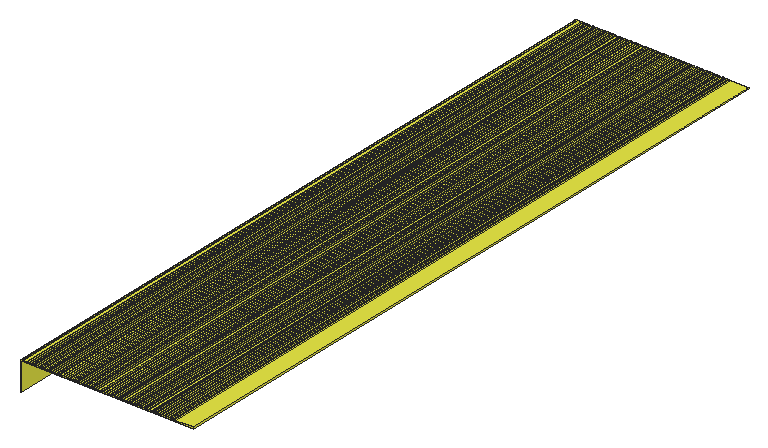
Revit family "111213010021100", category Modelos genéricos, Revit 2018
Family settings
  Puede alojar armadura = No
  Cota de conector redondo = Diámetro de uso
  Tipo de pieza = Normal
  Se basa en plano de trabajo = No
  Siempre vertical = No
  Corte con vacíos al cargar = No
  Compartido = No
  Punto de cálculo de habitación = No
Parameters (values of type "GRADA NEO PVC 300X50MM AMARILLO TIRA 1.20")
  Ventajas = "Autoextinguible"
  Uso = "Fabricado en PVC, ideal para zonas de medio y alto trafico, con estrías\r\nantideslizantes. Ideal para: Edificios Públicos y Privados, Colegios, Universidades, Centros\r\ncomerciales, Aeropuertos, Hoteles, Edificios Habitacionales, entre otros."
  Unidad = "Tiras de 1.20 Mts y 3.00 Mts."
  URL = "https://www.empresascnp.cl/"
  Num SKUs = "111213010021100"
  Nombre SKU = "GRADA NEO PVC 300X50MM AMARILLO TIRA 1.2MT"
  Modelo = "GRADA NEO PVC 300X50MM"
  Material = PVC flexible amarillo
  Url Ficha tecnica = "https://empresascnp.cl/wp-content/uploads//pdf/ficha-tecnica-grada-neo-pvc-300x50mm-negro-tira-1-2mt.pdf"
  Largo = 1200.00 mm
  Espesor = 2.00 mm
  Empresa = "CNP SPA."
  Dureza = "80 shore A"
  Dimension = 300.00 mm
  Descripción = "Grada Neo 300x50 MM."
  Contacto = "info@empresascnp.cl"
  Color = "AMARILLO"
  Aplicacion = "Escaleras"
  Alto = 50.00 mm
Reference planes
  plane 1 "Center F/B": y = 0
  plane 2: z = 0
  plane 3 "Center L/R": x = 0
  plane 4: z = -50
  plane 5 "2": y = 600
  plane 6 "3": y = -600
  plane 7: x = 300
  plane 8: z = -2
  plane 9 "4": x = 2
Forms (mm)
  Extrusion 1, solid, material "PVC flexible amarillo" <- "Material"
    sketch origin (0, 0, 0) x (1, 0, 0) y (0, 0, 1)
      loop
        line (300, 0) -> (270, 0) -> (270, -0.79) -> (266, -0.79) -> (266, 0) -> (264, 0) -> (264, -0.79) -> (263, -0.79) -> (263, 0) -> (261, 0) -> (261, -0.79) -> (260, -0.79) -> (260, 0) -> (258, 0) -> (258, -0.79) -> (257, -0.79) -> (257, 0) -> (255, 0) -> (255, -0.79) -> (251, -0.79) -> (251, 0) -> (249, 0) -> (249, -0.79) -> (248, -0.79) -> (248, 0) -> (246, 0) -> (246, -0.79) -> (245, -0.79) -> (245, 0) -> (243, 0) -> (243, -0.79) -> (242, -0.79) -> (242, 0) -> (240, 0) -> (240, -0.79) -> (236, -0.79) -> (236, 0) -> (234, 0) -> (234, -0.79) -> (233, -0.79) -> (233, 0) -> (231, 0) -> (231, -0.79) -> (230, -0.79) -> (230, 0) -> (228, 0) -> (228, -0.79) -> (227, -0.79) -> (227, 0) -> (225, 0) -> (225, -0.79) -> (221, -0.79) -> (221, 0) -> (219, 0) -> (219, -0.79) -> (218, -0.79) -> (218, 0) -> (216, 0) -> (216, -0.79) -> (215, -0.79) -> (215, 0) -> (213, 0) -> (213, -0.79) -> (212, -0.79) -> (212, 0) -> (210, 0) -> (210, -0.79) -> (206, -0.79) -> (206, 0) -> (204, 0) -> (204, -0.79) -> (203, -0.79) -> (203, 0) -> (201, 0) -> (201, -0.79) -> (200, -0.79) -> (200, 0) -> (198, 0) -> (198, -0.79) -> (197, -0.79) -> (197, 0) -> (195, 0) -> (195, -0.79) -> (191, -0.79) -> (191, 0) -> (189, 0) -> (189, -0.79) -> (188, -0.79) -> (188, 0) -> (186, 0) -> (186, -0.79) -> (185, -0.79) -> (185, 0) -> (183, 0) -> (183, -0.79) -> (182, -0.79) -> (182, 0) -> (180, 0) -> (180, -0.79) -> (176, -0.79) -> (176, 0) -> (174, 0) -> (174, -0.79) -> (173, -0.79) -> (173, 0) -> (171, 0) -> (171, -0.79) -> (170, -0.79) -> (170, 0) -> (168, 0) -> (168, -0.79) -> (167, -0.79) -> (167, 0) -> (165, 0) -> (165, -0.79) -> (161, -0.79) -> (161, 0) -> (159, 0) -> (159, -0.79) -> (158, -0.79) -> (158, 0) -> (156, 0) -> (156, -0.79) -> (155, -0.79) -> (155, 0) -> (153, 0) -> (153, -0.79) -> (152, -0.79) -> (152, 0) -> (150, 0) -> (150, -0.79) -> (146, -0.79) -> (146, 0) -> (144, 0) -> (144, -0.79) -> (143, -0.79) -> (143, 0) -> (141, 0) -> (141, -0.79) -> (140, -0.79) -> (140, 0) -> (138, 0) -> (138, -0.79) -> (137, -0.79) -> (137, 0) -> (135, 0) -> (135, -0.79) -> (131, -0.79) -> (131, 0) -> (129, 0) -> (129, -0.79) -> (128, -0.79) -> (128, 0) -> (126, 0) -> (126, -0.79) -> (125, -0.79) -> (125, 0) -> (123, 0) -> (123, -0.79) -> (122, -0.79) -> (122, 0) -> (120, 0) -> (120, -0.79) -> (116, -0.79) -> (116, 0) -> (114, 0) -> (114, -0.79) -> (113, -0.79) -> (113, 0) -> (111, 0) -> (111, -0.79) -> (110, -0.79) -> (110, 0) -> (108, 0) -> (108, -0.79) -> (107, -0.79) -> (107, 0) -> (105, 0) -> (105, -0.79) -> (101, -0.79) -> (101, 0) -> (99, 0) -> (99, -0.79) -> (98, -0.79) -> (98, 0) -> (96, 0) -> (96, -0.79) -> (95, -0.79) -> (95, 0) -> (93, 0) -> (93, -0.79) -> (92, -0.79) -> (92, 0) -> (90, 0) -> (90, -0.79) -> (86, -0.79) -> (86, 0) -> (84, 0) -> (84, -0.79) -> (83, -0.79) -> (83, 0) -> (81, 0) -> (81, -0.79) -> (80, -0.79) -> (80, 0) -> (78, 0) -> (78, -0.79) -> (77, -0.79) -> (77, 0) -> (75, 0) -> (75, -0.79) -> (71, -0.79) -> (71, 0) -> (69, 0) -> (69, -0.79) -> (68, -0.79) -> (68, 0) -> (66, 0) -> (66, -0.79) -> (65, -0.79) -> (65, 0) -> (63, 0) -> (63, -0.79) -> (62, -0.79) -> (62, 0) -> (60, 0) -> (60, -0.79) -> (56, -0.79) -> (56, 0) -> (54, 0) -> (54, -0.79) -> (53, -0.79) -> (53, 0) -> (51, 0) -> (51, -0.79) -> (50, -0.79) -> (50, 0) -> (48, 0) -> (48, -0.79) -> (47, -0.79) -> (47, 0) -> (45, 0) -> (45, -0.79) -> (41, -0.79) -> (41, 0) -> (39, 0) -> (39, -0.79) -> (38, -0.79) -> (38, 0) -> (36, 0) -> (36, -0.79) -> (35, -0.79) -> (35, 0) -> (33, 0) -> (33, -0.79) -> (32, -0.79) -> (32, 0) -> (30, 0) -> (30, -0.79) -> (26, -0.79) -> (26, 0) -> (24, 0) -> (24, -0.79) -> (23, -0.79) -> (23, 0) -> (21, 0) -> (21, -0.79) -> (20, -0.79) -> (20, 0) -> (18, 0) -> (18, -0.79) -> (17, -0.79) -> (17, 0) -> (15, 0) -> (15, -0.79) -> (11, -0.79) -> (11, 0) -> (3, 0)
        arc (3, 0) -> (0.879, -0.879) -> (0, -3) r 3
        line (0, -3) -> (0, -50) -> (2, -50) -> (2, -3)
        arc (2, -3) -> (2.293, -2.293) -> (3, -2) r 1
        line (3, -2) -> (300, -2) -> (300, 0)
    from -600 to 600
Dimensions and locks
  "Alto": level to plane 4
  equal spacing: plane 6 "3", plane 1 "Center F/B", plane 5 "2"
  "Largo": plane 6 "3" to plane 5 "2"
  "Dimension": plane 7 to plane 3 "Center L/R"
  "Espesor": plane 2 to Extrusion 1 sketch curve
  "Espesor": Extrusion 1 sketch curve to plane 3 "Center L/R"
  aligned and locked: plane 6 "3" to Extrusion 1
  aligned and locked: Extrusion 1 to plane 5 "2"
  aligned and locked: Extrusion 1 sketch curve to plane 3 "Center L/R"
  aligned and locked: plane 2 to Extrusion 1 sketch curve
  aligned and locked: Extrusion 1 sketch curve to plane 7
  aligned and locked: plane 4 to Extrusion 1 sketch curve
Automatic sketch dimensions
  Extrusion 1 sketch curve to Extrusion 1 sketch curve = 0.00 mm  (x2)
  Extrusion 1 sketch curve to level = 0.00 mm  (x68)
  plane 9 "4" to Extrusion 1 sketch curve = 1.00 mm
  Extrusion 1 sketch curve to level = 0.79 mm  (x69)
  Extrusion 1 sketch curve to Extrusion 1 sketch curve = 8.00 mm
  Extrusion 1 sketch curve to Extrusion 1 sketch curve = 4.00 mm  (x18)
  Extrusion 1 sketch curve to Extrusion 1 sketch curve = 2.00 mm  (x68)
  Extrusion 1 sketch curve to Extrusion 1 sketch curve = 1.00 mm  (x51)
